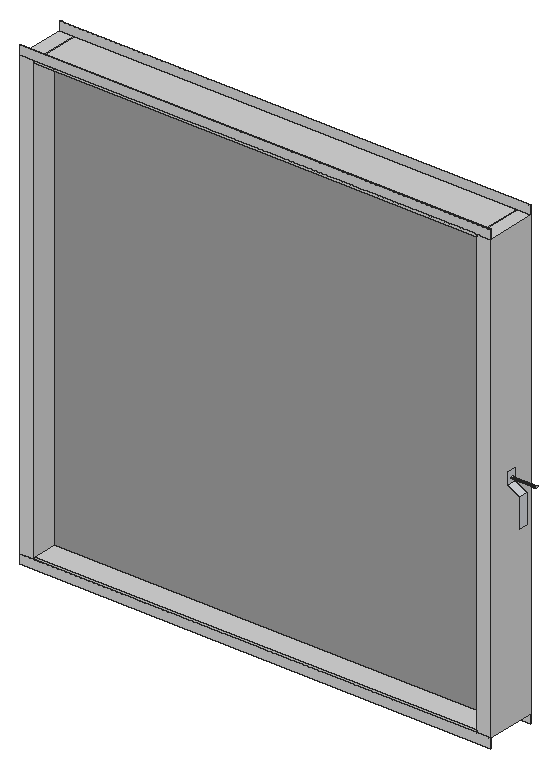
Revit family "НЕВАТОМ_Клапан KV, версия 1", category Арматура воздуховодов, Revit 2017
Family settings
  Размер круглого соединителя = Использовать диаметр
  Тип детали = Вставляется
  На основе рабочей плоскости = Нет
  Всегда вертикально = Нет
  При загрузке вырезать с полостями = Нет
  Общий = Нет
Parameters (values of type "KV-AxB")
  С = 125 mm  # constant formula
  НЕВАТОМ_Живое сечение [instance] = size_lookup("НЕВАТОМ_Клапан KV", "НЕВАТОМ_Живое сечение", 0.00 m², A, B)  # 1.01 m²
  Материал корпуса = Материал корпуса
  t = 1 mm
  Nevatom_URL = "https://t.me/NEVATOM_Bim_bot"
  НЕВАТОМ_N лам. [instance] = size_lookup("НЕВАТОМ_Клапан KV", "N лоп.", 0, A, B)  # 11
  d = 5 mm
  B2 [instance] = B + 70 mm  # 1170 mm
  B [instance] = 1100 mm
  ADSK_Ток = 0 A
  ADSK_Размер_Ширина [instance] = С  # 125 mm
  ADSK_Размер_Длина [instance] = B2  # 1170 mm
  ADSK_Размер_Высота [instance] = A2  # 1156 mm
  ADSK_Полная мощность = 0 VA
  ADSK_Напряжение = 0 V
  ADSK_Расход воздуха = 0.0 L/s
  ADSK_Примечание = ""
  ADSK_Потеря давления воздуха = 0.0 Pa
  ADSK_Позиция = ""
  ADSK_Наименование = "Алюминиевый воздушный клапан"  # constant formula
  ADSK_Материал наименование = "Алюминий"  # constant formula
  ADSK_Марка [instance] = size_lookup("НЕВАТОМ_Клапан KV", "", "нет данных", A, B)  # "KV-1100х1100"
  ADSK_Количество = 1  # constant formula
  ADSK_Код изделия = ""
  ADSK_Завод-изготовитель = "НЕВАТОМ"  # constant formula
  ADSK_Единица измерения = "шт."  # constant formula
  A2 [instance] = A + 56 mm  # 1156 mm
  A10 [instance] = A + 10 mm  # 1110 mm
  A/2 [instance] = A / 2  # 550 mm
  A [instance] = 1100 mm
Reference planes
  plane 1 "По центру (Вперед/Назад)": y = 0
  plane 2: z = 0
  plane 3 "По центру (Влево/Вправо)": x = 0
  plane 4: z = 578
  plane 5: z = -578
  plane 6: z = 555
  plane 7: z = -555
  plane 8: x = 585
  plane 9: x = -585
  plane 10: x = -550
  plane 11: x = 550
  plane 12: y = -62.5
  plane 13: y = 62.5
  plane 14: z = 550
  plane 15: z = -550
  plane 16: x = 615
  plane 17: z = 0
  plane 18: z = 15
  plane 19: z = -100
  plane 20: z = -30
  plane 21: z = -15
Forms (mm)
  Extrusion 1, solid, material "Материал корпуса" <- "Материал корпуса"
    sketch origin (0, 0, 0) x (1, 0, 0) y (0, 0, 1)
      loop
        line (550, 555) -> (550, -555) -> (585, -555) -> (585, 555) -> (550, 555)
      loop
        line (-585, 555) -> (-585, -555) -> (-550, -555) -> (-550, 555) -> (-585, 555)
    from -62.5 to 62.5
  Extrusion 2, solid, material "Материал корпуса"
    sketch origin (0, 0, 0) x (1, 0, 0) y (0, 0, 1)
      loop
        line (-550, 555) -> (-550, 550) -> (550, 550) -> (550, 555) -> (-550, 555)
      loop
        line (-550, -550) -> (-550, -555) -> (550, -555) -> (550, -550) -> (-550, -550)
    from -62.5 to 62.5
  Extrusion 3, solid, material "По умолчанию"
    sketch origin (0, 0, 0) x (1, 0, 0) y (0, 0, 1)
      loop
        line (-550, 550) -> (-550, -550) -> (550, -550) -> (550, 550) -> (-550, 550)
    from -0.5 to 0.5
  Extrusion 4, solid, material "Материал корпуса"
    sketch origin (0, 0, 0) x (0, 1, 0) y (0, 0, 1)
      loop
        circle (0, 0) r 2.5
    from 585 to 650
  Sweep 5, solid
    path origin (0, 0, 0) x (1, 0, 0) y (0, 0, 1)
      loop
        line (585, 15) -> (585, -15) -> (615, -30) -> (615, -100)
    profile origin (585, 0, 0) x (0, -1, 0) y (1, 0, 0)
      loop
        line (-10, 0) -> (10, 0) -> (10, 2) -> (-10, 2) -> (-10, 0)
  Extrusion 6, solid, material "Материал корпуса"
    sketch origin (0, 0, 0) x (1, 0, 0) y (0, 0, 1)
      loop
        line (-585, -555) -> (-585, -578) -> (585, -578) -> (585, -555) -> (-585, -555)
      loop
        line (-585, 555) -> (585, 555) -> (585, 578) -> (-585, 578) -> (-585, 555)
    from 61.5 to 62.5
  Extrusion 7, solid, material "Материал корпуса"
    sketch origin (0, 110, 0) x (1, 0, 0) y (0, 0, 1)
      loop
        line (-585, -555) -> (-585, -578) -> (585, -578) -> (585, -555) -> (-585, -555)
      loop
        line (-585, 555) -> (585, 555) -> (585, 578) -> (-585, 578) -> (-585, 555)
    from 47.5 to 48.5
Dimensions and locks
  equal spacing: plane 11, plane 3 "По центру (Влево/Вправо)", plane 10
  "B": plane 11 to plane 10
  equal spacing: plane 6, level, plane 7
  "A10": plane 6 to plane 7
  equal spacing: plane 4, level, plane 5
  "A2": plane 4 to plane 5
  equal spacing: plane 8, plane 3 "По центру (Влево/Вправо)", plane 9
  "B2": plane 8 to plane 9
  equal spacing: plane 13, plane 1 "По центру (Вперед/Назад)", plane 12
  "С": plane 13 to plane 12
  equal spacing: plane 14, level, plane 15
  "A": plane 14 to plane 15
  equal spacing: Extrusion 3, plane 1 "По центру (Вперед/Назад)", Extrusion 3
  "t": Extrusion 3 to Extrusion 3
  locked: plane 8 to Extrusion 4 at 65
  "A/2": plane 14 to plane 17
  locked: plane 18 to plane 17 at 15
  locked: plane 17 to plane 20 at 30
  locked: plane 17 to plane 19 at 100
  locked: plane 16 to plane 8 at 30
  equal spacing: plane 18, plane 17, plane 21
  equal spacing: Sweep 5 sketch curve, profile plane, Sweep 5 sketch curve
  locked: Sweep 5 sketch curve to Sweep 5 sketch curve at 20
  locked: Extrusion 1 to Sweep 5 sketch curve at 2
  "t": Extrusion 6 to Extrusion 6
  "t": Extrusion 7 to Extrusion 7
  "d": diameter of Extrusion 4 sketch curve
  aligned and locked: level to plane 2
  aligned and locked: Extrusion 1 sketch curve to plane 6  (x2)
  aligned and locked: plane 11 to Extrusion 1 sketch curve
  aligned and locked: Extrusion 1 sketch curve to plane 8
  aligned and locked: plane 7 to Extrusion 1 sketch curve  (x2)
  aligned and locked: Extrusion 1 sketch curve to plane 10
  aligned and locked: plane 9 to Extrusion 1 sketch curve
  aligned and locked: Extrusion 1 to plane 13
  aligned and locked: Extrusion 1 to plane 12
  aligned and locked: Extrusion 2 sketch curve to plane 14
  aligned and locked: Extrusion 2 sketch curve to plane 6
  aligned and locked: Extrusion 2 sketch curve to plane 15
  aligned and locked: plane 7 to Extrusion 2 sketch curve
  aligned and locked: Extrusion 3 sketch curve to plane 11
  aligned and locked: plane 10 to Extrusion 3 sketch curve
  aligned and locked: Extrusion 3 sketch curve to plane 15
  aligned and locked: Extrusion 3 sketch curve to plane 14
  aligned and locked: plane 17 to Extrusion 4 sketch curve
  aligned and locked: plane 1 "По центру (Вперед/Назад)" to Extrusion 4 sketch curve
  aligned and locked: Extrusion 4 to plane 8
  aligned and locked: Sweep 5 sketch curve to plane 20
  aligned and locked: Sweep 5 sketch curve to plane 16
  aligned and locked: Sweep 5 sketch curve to plane 8
  aligned and locked: Sweep 5 sketch curve to plane 21
  aligned and locked: profile plane to Sweep 5 sketch curve
  aligned and locked: Extrusion 1 to plane 9
  aligned and locked: plane 8 to Extrusion 1
  aligned and locked: plane 10 to Extrusion 1
  aligned and locked: Extrusion 1 to plane 11
  aligned and locked: Extrusion 2 to plane 7
  aligned and locked: Extrusion 1 to Extrusion 2  (x2)
  aligned and locked: plane 8 to Extrusion 6 sketch curve
  aligned and locked: Extrusion 6 sketch curve to plane 6
  aligned and locked: plane 4 to Extrusion 6 sketch curve
  aligned and locked: Extrusion 6 sketch curve to plane 9
  aligned and locked: plane 5 to Extrusion 6 sketch curve
  aligned and locked: Extrusion 6 sketch curve to plane 8
  aligned and locked: Extrusion 6 sketch curve to plane 7
  aligned and locked: plane 9 to Extrusion 6 sketch curve
  aligned and locked: Extrusion 6 to plane 12
  aligned and locked: Extrusion 7 to plane 13
Automatic sketch dimensions
  Extrusion 2 sketch curve to plane 10 = 0 mm  (x2)
  Extrusion 2 sketch curve to plane 11 = 0 mm  (x2)
  Sweep 5 sketch curve to plane 19 = 0 mm
  Sweep 5 sketch curve to plane 18 = 0 mm
  Extrusion 7 sketch curve to plane 7 = 0 mm
  Extrusion 7 sketch curve to plane 9 = 0 mm  (x2)
  Extrusion 7 sketch curve to plane 4 = 0 mm
  Extrusion 7 sketch curve to plane 6 = 0 mm
  Extrusion 7 sketch curve to plane 8 = 0 mm  (x2)
  Extrusion 7 sketch curve to plane 5 = 0 mm
Connectors
  hvac at (0, 62.5, 0), driven by "A", driven by "B"
    settings: on Extrusion 2, index 1, duct flow 0.0 L/s, flow factor 0, pres drop 0.0 Pa, loss coef 0, conn angle 0.00°, conn width 1100 mm, conn height 1100 mm, conn diameter 609.6 mm, duct sys type 29, conn prof type 1, flow config 0, flow direction 0, loss method 0, conn ref index 2, conn util no, is conn primary yes, conn desc ""
  hvac at (0, -62.5, 0), driven by "A", driven by "B"
    settings: on Extrusion 2, index 2, duct flow 0.0 L/s, flow factor 0, pres drop 0.0 Pa, loss coef 0, conn angle 0.00°, conn width 1100 mm, conn height 1100 mm, conn diameter 609.6 mm, duct sys type 29, conn prof type 1, flow config 0, flow direction 0, loss method 0, conn ref index 1, conn util no, is conn primary no, conn desc ""
